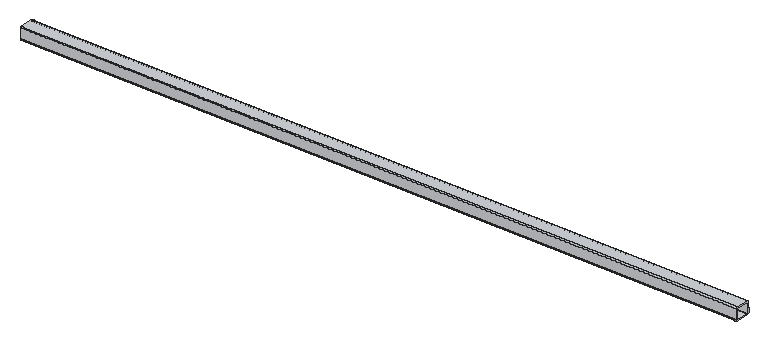
Revit family "CENTUM Profil XL 120s 6m vertikal L2D", category HLS-Bauteile, Revit 2023
Family settings
  Bemaßung runder Anschluss = Durchmesser verwenden
  Teiletyp = Normal
  Arbeitsebenenbasiert = Ja
  Immer vertikal = Nein
  Beim Laden mit Abzugskörper schneiden = Nein
  Beschriftungsausrichtung beibehalten = Nein
  Gemeinsam genutzt = Ja
  Raumberechnungspunkt = Nein
Parameters (values of type "Centum Profil XL120s L=6000 L2D")
  vpe = "6"
  Widerstandsmoment Wz = "56.88 cm³"
  Widerstandsmoment Wy = "62.12 cm³"
  Default Elevation = 1219.2 mm
  Trägheitsradius iz = "4.03 cm"
  Trägheitsradius iy = "4.61 cm"
  Torsionswiderstandsmoment Wt = "109.25 cm³"
  Stärke = 5 mm
  Streckgrenze = "235 N/mm²"
  Schwerpunktabstand ez = " cm"
  Schwerpunktabstand eu = " cm"
  Schwerpunktabstand eo = " cm"
  Schlitzbreite = " mm"
  Regelhalter [instance] = ""
  Profiltyp = "XL 120s"
  Profil = "CENTUM"
  Oberflaeche = "feuerstückverzinkt"
  Montagelänge [instance] = 6000 mm
  Mengeneinheit = "m"
  Materialname = "S275"
  Material = "Stahl"
  Länge = 6000 mm
  Lochdurchmesser = " mm"
  Langloch = "14.0 x 65.0 mm"
  Kurztext2 = "100 / 120 / 5 mm L= 6 m fsv"
  Kurztext1 = "Montageprofil CENTUM XL 120s"
  Höhe = "120 mm"
  Gewicht pro Stück [instance] = (Gewicht * Montagelänge / (1000 mm * 1000 mm)) * 1000 mm  # 88.98 kg
  Gewicht pro Bauteil [instance] = Gewicht pro Stück  # 88.98 kg
  Gewicht = 14.83 kg
  Gesamtlänge [instance] = Montagelänge  # 6000 mm
  Gesamtgewicht [instance] = Gewicht pro Bauteil  # 88.98 kg
  Fläche (schwächster Profilquerschnitt) = 0.001755 m²
  Firma = "MEFA Befestigungs- und Montagesysteme GmbH"
  Fabrikat = "MEFA"
  Erweiterung Langloch = " mm"
  EAN = "4250928449382"
  Bund = "72 m"
  Breite = 100 mm
  Artikelnummer = "16012061"
  Anzahl Langloch [instance] = Montagelänge / 80 mm  # 75
  Abmessung = "100/120/5.0 mm"
Reference planes
  plane 1 "Mitte (Vorne/hinten)": y = 0
  plane 2: z = 0
  plane 3 "Mitte (Links/rechts)": x = 0
  plane 4: x = 6000
Forms (mm)
  Extrusion 1, solid, detail levels fine
    sketch origin (0, -60, 50) x (0, 0, -1) y (0, 1, 0)
      loop
        arc (44, 0) -> (48.243, 1.757) -> (50, 6) r 6
        line (50, 6) -> (50, 114)
        arc (50, 114) -> (48.243, 118.243) -> (44, 120) r 6
        line (44, 120) -> (-44, 120)
        arc (-44, 120) -> (-48.243, 118.243) -> (-50, 114) r 6
        line (-50, 114) -> (-50, 6)
        arc (-50, 6) -> (-48.243, 1.757) -> (-44, 0) r 6
        line (-44, 0) -> (44, 0)
      loop
        arc (46, 114) -> (45.414, 115.414) -> (44, 116) r 2
        line (44, 116) -> (-44, 116)
        arc (-44, 116) -> (-45.414, 115.414) -> (-46, 114) r 2
        line (-46, 114) -> (-46, 6)
        arc (-46, 6) -> (-45.414, 4.586) -> (-44, 4) r 2
        line (-44, 4) -> (44, 4)
        arc (44, 4) -> (45.414, 4.586) -> (46, 6) r 2
        line (46, 6) -> (46, 114)
    from 0 to 6000
  Extrusion 2, solid, detail levels medium
    sketch origin (0, -60, 50) x (0, 0, -1) y (0, 1, 0)
      loop
        line (50, 0) -> (50, 120) -> (-50, 120) -> (-50, 0) -> (50, 0)
      loop
        line (46, 116) -> (-46, 116) -> (-46, 4) -> (46, 4) -> (46, 116)
    from 0 to 6000
  Extrusion 3, solid, detail levels coarse
    sketch origin (0, -60, 50) x (0, 0, -1) y (0, 1, 0)
      loop
        line (50, 0) -> (50, 120) -> (-50, 120) -> (-50, 0) -> (50, 0)
    from 0 to 6000
Lines and regions (mm)
  model lines
    curve 1: line (0, 70, 50) -> (0, -70, 50)
    curve 2: line (0, 0, 130) -> (0, 0, -10)
Dimensions and locks
  "Montagelänge": plane 4 to plane 3 "Mitte (Links/rechts)"
  Extrusion 1 sketch curve to Extrusion 1 sketch curve = 120 mm
  Extrusion 2 sketch curve to Extrusion 2 sketch curve = 120 mm
  Extrusion 3 sketch curve to Extrusion 3 sketch curve = 120 mm
  equal spacing: group 1, group 2, group 3, group 4, group 5, group 6, group 7, group 8, group 9, group 10, group 11, group 12, group 13, group 14, group 15, group 16, group 17, group 18, group 19, group 20, group 21, group 22, group 23, group 24, group 25, group 26, group 27, group 28, group 29, group 30, group 31, group 32, group 33, group 34, group 35, group 36, group 37, group 38, group 39, group 40, group 41, group 42, group 43, group 44, group 45, group 46, group 47, group 48, group 49, group 50, group 51, group 52, group 53, group 54, group 55, group 56, group 57, group 58, group 59, group 60, group 61, group 62, group 63, group 64, group 65, group 66, group 67, group 68, group 69, group 70, group 71, group 72, group 73, group 74, group 75  (x3)
  aligned and locked: level to plane 2
  aligned and locked: plane 4 to Extrusion 1
  aligned and locked: Extrusion 3 to Extrusion 1
  aligned and locked: Extrusion 2 to Extrusion 1
  aligned and locked: nested 1 to nested 2
  aligned and locked: nested 2 to nested 3
  aligned and locked: nested 1 to nested 4
  aligned and locked: nested 5 to nested 6
  aligned and locked: nested 6 to nested 7
  aligned and locked: nested 5 to nested 8
  aligned and locked: nested 9 to nested 10
  aligned and locked: nested 10 to nested 11
  aligned and locked: nested 9 to nested 12
  aligned and locked: nested 13 to nested 14
  aligned and locked: nested 14 to nested 15
  aligned and locked: nested 13 to nested 16
  aligned and locked: nested 17 to nested 18
  aligned and locked: nested 18 to nested 19
  aligned and locked: nested 17 to nested 20
  aligned and locked: nested 21 to nested 22
  aligned and locked: nested 22 to nested 23
  aligned and locked: nested 21 to nested 24
  aligned and locked: nested 25 to nested 26
  aligned and locked: nested 26 to nested 27
  aligned and locked: nested 25 to nested 28
  aligned and locked: nested 29 to nested 30
  aligned and locked: nested 30 to nested 31
  aligned and locked: nested 29 to nested 32
  aligned and locked: nested 33 to nested 34
  aligned and locked: nested 34 to nested 35
  aligned and locked: nested 33 to nested 36
  aligned and locked: nested 37 to nested 38
  aligned and locked: nested 38 to nested 39
  aligned and locked: nested 37 to nested 40
  aligned and locked: nested 41 to nested 42
  aligned and locked: nested 42 to nested 43
  aligned and locked: nested 41 to nested 44
  aligned and locked: nested 45 to nested 46
  aligned and locked: nested 46 to nested 47
  aligned and locked: nested 45 to nested 48
  aligned and locked: nested 49 to nested 50
  aligned and locked: nested 50 to nested 51
  aligned and locked: nested 49 to nested 52
  aligned and locked: nested 53 to nested 54
  aligned and locked: nested 54 to nested 55
  aligned and locked: nested 53 to nested 56
  aligned and locked: nested 57 to nested 58
  aligned and locked: nested 58 to nested 59
  aligned and locked: nested 57 to nested 60
  aligned and locked: nested 61 to nested 62
  aligned and locked: nested 62 to nested 63
  aligned and locked: nested 61 to nested 64
  aligned and locked: nested 65 to nested 66
  aligned and locked: nested 66 to nested 67
  aligned and locked: nested 65 to nested 68
  aligned and locked: nested 69 to nested 70
  aligned and locked: nested 70 to nested 71
  aligned and locked: nested 69 to nested 72
  aligned and locked: nested 73 to nested 74
  aligned and locked: nested 74 to nested 75
  aligned and locked: nested 73 to nested 76
  aligned and locked: nested 77 to nested 78
  aligned and locked: nested 78 to nested 79
  aligned and locked: nested 77 to nested 80
  aligned and locked: nested 81 to nested 82
  aligned and locked: nested 82 to nested 83
  aligned and locked: nested 81 to nested 84
  aligned and locked: nested 85 to nested 86
  aligned and locked: nested 86 to nested 87
  aligned and locked: nested 85 to nested 88
  aligned and locked: nested 89 to nested 90
  aligned and locked: nested 90 to nested 91
  aligned and locked: nested 89 to nested 92
  aligned and locked: nested 93 to nested 94
  aligned and locked: nested 94 to nested 95
  aligned and locked: nested 93 to nested 96
  aligned and locked: nested 97 to nested 98
  aligned and locked: nested 98 to nested 99
  aligned and locked: nested 97 to nested 100
  aligned and locked: nested 101 to nested 102
  aligned and locked: nested 102 to nested 103
  aligned and locked: nested 101 to nested 104
  aligned and locked: nested 105 to nested 106
  aligned and locked: nested 106 to nested 107
  aligned and locked: nested 105 to nested 108
  aligned and locked: nested 109 to nested 110
  aligned and locked: nested 110 to nested 111
  aligned and locked: nested 109 to nested 112
  aligned and locked: nested 113 to nested 114
  aligned and locked: nested 114 to nested 115
  aligned and locked: nested 113 to nested 116
  aligned and locked: nested 117 to nested 118
  aligned and locked: nested 118 to nested 119
  aligned and locked: nested 117 to nested 120
  aligned and locked: nested 121 to nested 122
  aligned and locked: nested 122 to nested 123
  aligned and locked: nested 121 to nested 124
  aligned and locked: nested 125 to nested 126
  aligned and locked: nested 126 to nested 127
  aligned and locked: nested 125 to nested 128
  aligned and locked: nested 129 to nested 130
  aligned and locked: nested 130 to nested 131
  aligned and locked: nested 129 to nested 132
  aligned and locked: nested 133 to nested 134
  aligned and locked: nested 134 to nested 135
  aligned and locked: nested 133 to nested 136
  aligned and locked: nested 137 to nested 138
  aligned and locked: nested 138 to nested 139
  aligned and locked: nested 137 to nested 140
  aligned and locked: nested 141 to nested 142
  aligned and locked: nested 142 to nested 143
  aligned and locked: nested 141 to nested 144
  aligned and locked: nested 145 to nested 146
  aligned and locked: nested 146 to nested 147
  aligned and locked: nested 145 to nested 148
  aligned and locked: nested 149 to nested 150
  aligned and locked: nested 150 to nested 151
  aligned and locked: nested 149 to nested 152
  aligned and locked: nested 153 to nested 154
  aligned and locked: nested 154 to nested 155
  aligned and locked: nested 153 to nested 156
  aligned and locked: nested 157 to nested 158
  aligned and locked: nested 158 to nested 159
  aligned and locked: nested 157 to nested 160
  aligned and locked: nested 161 to nested 162
  aligned and locked: nested 162 to nested 163
  aligned and locked: nested 161 to nested 164
  aligned and locked: nested 165 to nested 166
  aligned and locked: nested 166 to nested 167
  aligned and locked: nested 165 to nested 168
  aligned and locked: nested 169 to nested 170
  aligned and locked: nested 170 to nested 171
  aligned and locked: nested 169 to nested 172
  aligned and locked: nested 173 to nested 174
  aligned and locked: nested 174 to nested 175
  aligned and locked: nested 173 to nested 176
  aligned and locked: nested 177 to nested 178
  aligned and locked: nested 178 to nested 179
  aligned and locked: nested 177 to nested 180
  aligned and locked: nested 181 to nested 182
  aligned and locked: nested 182 to nested 183
  aligned and locked: nested 181 to nested 184
  aligned and locked: nested 185 to nested 186
  aligned and locked: nested 186 to nested 187
  aligned and locked: nested 185 to nested 188
  aligned and locked: nested 189 to nested 190
  aligned and locked: nested 190 to nested 191
  aligned and locked: nested 189 to nested 192
  aligned and locked: nested 193 to nested 194
  aligned and locked: nested 194 to nested 195
  aligned and locked: nested 193 to nested 196
  aligned and locked: nested 197 to nested 198
  aligned and locked: nested 198 to nested 199
  aligned and locked: nested 197 to nested 200
  aligned and locked: nested 201 to nested 202
  aligned and locked: nested 202 to nested 203
  aligned and locked: nested 201 to nested 204
  aligned and locked: nested 205 to nested 206
  aligned and locked: nested 206 to nested 207
  aligned and locked: nested 205 to nested 208
  aligned and locked: nested 209 to nested 210
  aligned and locked: nested 210 to nested 211
  aligned and locked: nested 209 to nested 212
  aligned and locked: nested 213 to nested 214
  aligned and locked: nested 214 to nested 215
  aligned and locked: nested 213 to nested 216
  aligned and locked: nested 217 to nested 218
  aligned and locked: nested 218 to nested 219
  aligned and locked: nested 217 to nested 220
  aligned and locked: nested 221 to nested 222
  aligned and locked: nested 222 to nested 223
  aligned and locked: nested 221 to nested 224
  aligned and locked: nested 225 to nested 226
  aligned and locked: nested 226 to nested 227
  aligned and locked: nested 225 to nested 228
  aligned and locked: nested 229 to nested 230
  aligned and locked: nested 230 to nested 231
  aligned and locked: nested 229 to nested 232
  aligned and locked: nested 233 to nested 234
  aligned and locked: nested 234 to nested 235
  aligned and locked: nested 233 to nested 236
  aligned and locked: nested 237 to nested 238
  aligned and locked: nested 238 to nested 239
  aligned and locked: nested 237 to nested 240
  aligned and locked: nested 241 to nested 242
  aligned and locked: nested 242 to nested 243
  aligned and locked: nested 241 to nested 244
  aligned and locked: nested 245 to nested 246
  aligned and locked: nested 246 to nested 247
  aligned and locked: nested 245 to nested 248
  aligned and locked: nested 249 to nested 250
  aligned and locked: nested 250 to nested 251
  aligned and locked: nested 249 to nested 252
  aligned and locked: nested 253 to nested 254
  aligned and locked: nested 254 to nested 255
  aligned and locked: nested 253 to nested 256
  aligned and locked: nested 257 to nested 258
  aligned and locked: nested 258 to nested 259
  aligned and locked: nested 257 to nested 260
  aligned and locked: nested 261 to nested 262
  aligned and locked: nested 262 to nested 263
  aligned and locked: nested 261 to nested 264
  aligned and locked: nested 265 to nested 266
  aligned and locked: nested 266 to nested 267
  aligned and locked: nested 265 to nested 268
  aligned and locked: nested 269 to nested 270
  aligned and locked: nested 270 to nested 271
  aligned and locked: nested 269 to nested 272
  aligned and locked: nested 273 to nested 274
  aligned and locked: nested 274 to nested 275
  aligned and locked: nested 273 to nested 276
  aligned and locked: nested 277 to nested 278
  aligned and locked: nested 278 to nested 279
  aligned and locked: nested 277 to nested 280
  aligned and locked: nested 281 to nested 282
  aligned and locked: nested 282 to nested 283
  aligned and locked: nested 281 to nested 284
  aligned and locked: nested 285 to nested 286
  aligned and locked: nested 286 to nested 287
  aligned and locked: nested 285 to nested 288
  aligned and locked: nested 289 to nested 290
  aligned and locked: nested 290 to nested 291
  aligned and locked: nested 289 to nested 292
  aligned and locked: nested 293 to nested 294
  aligned and locked: nested 294 to nested 295
  aligned and locked: nested 293 to nested 296
  aligned and locked: nested 297 to nested 298
  aligned and locked: nested 298 to nested 299
  aligned and locked: nested 297 to nested 300
Automatic sketch dimensions
  curve 2 to plane 1 "Mitte (Vorne/hinten)" = 0 mm
  curve 2 to level = 10 mm
  plane 1 "Mitte (Vorne/hinten)" to curve 1 = 70 mm
  curve 1 to plane 1 "Mitte (Vorne/hinten)" = 70 mm
  level to curve 1 = 50 mm
  curve 1 to curve 2 = 80 mm
  Extrusion 1 sketch curve to Extrusion 1 sketch curve = 0 mm  (x8)
  plane 1 "Mitte (Vorne/hinten)" to Extrusion 1 sketch curve = 54 mm
  level to Extrusion 1 sketch curve = 100 mm
  Extrusion 1 sketch curve to Extrusion 1 sketch curve = 4 mm
  Extrusion 1 sketch curve to Extrusion 1 sketch curve = 2 mm  (x3)
  level to Extrusion 1 sketch curve = 6 mm  (x2)
  level to Extrusion 2 sketch curve = 100 mm
  Extrusion 2 sketch curve to Extrusion 2 sketch curve = 4 mm  (x4)
  level to Extrusion 2 sketch curve = 4 mm
  plane 1 "Mitte (Vorne/hinten)" to Extrusion 2 sketch curve = 60 mm
  level to Extrusion 3 sketch curve = 100 mm
  level to Extrusion 3 sketch curve = 0 mm
  plane 1 "Mitte (Vorne/hinten)" to Extrusion 3 sketch curve = 60 mm
Nested families
  nested 1: "Langloch 14 x 65 2D" at (40, 60, 50) x (-1, 0, 0) z (0, 1, 0), type "Langloch 14 x 65 2D", detail levels fine
  nested 2: "Langloch 14 x 65 2D" at (40, 0, 100) x (-1, 0, 0) z (0, 0, 1), type "Langloch 14 x 65 2D", detail levels fine
  nested 3: "Langloch 14 x 65 2D" at (40, -60, 50) x (-1, 0, 0) z (0, -1, 0), type "Langloch 14 x 65 2D", detail levels fine
  nested 4: "Langloch 14 x 65 2D" at (40, 0, 0) x (-1, 0, 0) z (0, 0, -1), type "Langloch 14 x 65 2D", detail levels fine
  nested 5: "Langloch 14 x 65 2D" at (120, 60, 50) x (-1, 0, 0) z (0, 1, 0), type "Langloch 14 x 65 2D", detail levels fine
  nested 6: "Langloch 14 x 65 2D" at (120, 0, 100) x (-1, 0, 0) z (0, 0, 1), type "Langloch 14 x 65 2D", detail levels fine
  nested 7: "Langloch 14 x 65 2D" at (120, -60, 50) x (-1, 0, 0) z (0, -1, 0), type "Langloch 14 x 65 2D", detail levels fine
  nested 8: "Langloch 14 x 65 2D" at (120, 0, 0) x (-1, 0, 0) z (0, 0, -1), type "Langloch 14 x 65 2D", detail levels fine
  nested 9: "Langloch 14 x 65 2D" at (200, 60, 50) x (-1, 0, 0) z (0, 1, 0), type "Langloch 14 x 65 2D", detail levels fine
  nested 10: "Langloch 14 x 65 2D" at (200, 0, 100) x (-1, 0, 0) z (0, 0, 1), type "Langloch 14 x 65 2D", detail levels fine
  nested 11: "Langloch 14 x 65 2D" at (200, -60, 50) x (-1, 0, 0) z (0, -1, 0), type "Langloch 14 x 65 2D", detail levels fine
  nested 12: "Langloch 14 x 65 2D" at (200, 0, 0) x (-1, 0, 0) z (0, 0, -1), type "Langloch 14 x 65 2D", detail levels fine
  nested 13: "Langloch 14 x 65 2D" at (280, 60, 50) x (-1, 0, 0) z (0, 1, 0), type "Langloch 14 x 65 2D", detail levels fine
  nested 14: "Langloch 14 x 65 2D" at (280, 0, 100) x (-1, 0, 0) z (0, 0, 1), type "Langloch 14 x 65 2D", detail levels fine
  nested 15: "Langloch 14 x 65 2D" at (280, -60, 50) x (-1, 0, 0) z (0, -1, 0), type "Langloch 14 x 65 2D", detail levels fine
  nested 16: "Langloch 14 x 65 2D" at (280, 0, 0) x (-1, 0, 0) z (0, 0, -1), type "Langloch 14 x 65 2D", detail levels fine
  nested 17: "Langloch 14 x 65 2D" at (360, 60, 50) x (-1, 0, 0) z (0, 1, 0), type "Langloch 14 x 65 2D", detail levels fine
  nested 18: "Langloch 14 x 65 2D" at (360, 0, 100) x (-1, 0, 0) z (0, 0, 1), type "Langloch 14 x 65 2D", detail levels fine
  nested 19: "Langloch 14 x 65 2D" at (360, -60, 50) x (-1, 0, 0) z (0, -1, 0), type "Langloch 14 x 65 2D", detail levels fine
  nested 20: "Langloch 14 x 65 2D" at (360, 0, 0) x (-1, 0, 0) z (0, 0, -1), type "Langloch 14 x 65 2D", detail levels fine
  nested 21: "Langloch 14 x 65 2D" at (440, 60, 50) x (-1, 0, 0) z (0, 1, 0), type "Langloch 14 x 65 2D", detail levels fine
  nested 22: "Langloch 14 x 65 2D" at (440, 0, 100) x (-1, 0, 0) z (0, 0, 1), type "Langloch 14 x 65 2D", detail levels fine
  nested 23: "Langloch 14 x 65 2D" at (440, -60, 50) x (-1, 0, 0) z (0, -1, 0), type "Langloch 14 x 65 2D", detail levels fine
  nested 24: "Langloch 14 x 65 2D" at (440, 0, 0) x (-1, 0, 0) z (0, 0, -1), type "Langloch 14 x 65 2D", detail levels fine
  nested 25: "Langloch 14 x 65 2D" at (520, 60, 50) x (-1, 0, 0) z (0, 1, 0), type "Langloch 14 x 65 2D", detail levels fine
  nested 26: "Langloch 14 x 65 2D" at (520, 0, 100) x (-1, 0, 0) z (0, 0, 1), type "Langloch 14 x 65 2D", detail levels fine
  nested 27: "Langloch 14 x 65 2D" at (520, -60, 50) x (-1, 0, 0) z (0, -1, 0), type "Langloch 14 x 65 2D", detail levels fine
  nested 28: "Langloch 14 x 65 2D" at (520, 0, 0) x (-1, 0, 0) z (0, 0, -1), type "Langloch 14 x 65 2D", detail levels fine
  nested 29: "Langloch 14 x 65 2D" at (600, 60, 50) x (-1, 0, 0) z (0, 1, 0), type "Langloch 14 x 65 2D", detail levels fine
  nested 30: "Langloch 14 x 65 2D" at (600, 0, 100) x (-1, 0, 0) z (0, 0, 1), type "Langloch 14 x 65 2D", detail levels fine
  nested 31: "Langloch 14 x 65 2D" at (600, -60, 50) x (-1, 0, 0) z (0, -1, 0), type "Langloch 14 x 65 2D", detail levels fine
  nested 32: "Langloch 14 x 65 2D" at (600, 0, 0) x (-1, 0, 0) z (0, 0, -1), type "Langloch 14 x 65 2D", detail levels fine
  nested 33: "Langloch 14 x 65 2D" at (680, 60, 50) x (-1, 0, 0) z (0, 1, 0), type "Langloch 14 x 65 2D", detail levels fine
  nested 34: "Langloch 14 x 65 2D" at (680, 0, 100) x (-1, 0, 0) z (0, 0, 1), type "Langloch 14 x 65 2D", detail levels fine
  nested 35: "Langloch 14 x 65 2D" at (680, -60, 50) x (-1, 0, 0) z (0, -1, 0), type "Langloch 14 x 65 2D", detail levels fine
  nested 36: "Langloch 14 x 65 2D" at (680, 0, 0) x (-1, 0, 0) z (0, 0, -1), type "Langloch 14 x 65 2D", detail levels fine
  nested 37: "Langloch 14 x 65 2D" at (760, 60, 50) x (-1, 0, 0) z (0, 1, 0), type "Langloch 14 x 65 2D", detail levels fine
  nested 38: "Langloch 14 x 65 2D" at (760, 0, 100) x (-1, 0, 0) z (0, 0, 1), type "Langloch 14 x 65 2D", detail levels fine
  nested 39: "Langloch 14 x 65 2D" at (760, -60, 50) x (-1, 0, 0) z (0, -1, 0), type "Langloch 14 x 65 2D", detail levels fine
  nested 40: "Langloch 14 x 65 2D" at (760, 0, 0) x (-1, 0, 0) z (0, 0, -1), type "Langloch 14 x 65 2D", detail levels fine
  nested 41: "Langloch 14 x 65 2D" at (840, 60, 50) x (-1, 0, 0) z (0, 1, 0), type "Langloch 14 x 65 2D", detail levels fine
  nested 42: "Langloch 14 x 65 2D" at (840, 0, 100) x (-1, 0, 0) z (0, 0, 1), type "Langloch 14 x 65 2D", detail levels fine
  nested 43: "Langloch 14 x 65 2D" at (840, -60, 50) x (-1, 0, 0) z (0, -1, 0), type "Langloch 14 x 65 2D", detail levels fine
  nested 44: "Langloch 14 x 65 2D" at (840, 0, 0) x (-1, 0, 0) z (0, 0, -1), type "Langloch 14 x 65 2D", detail levels fine
  nested 45: "Langloch 14 x 65 2D" at (920, 60, 50) x (-1, 0, 0) z (0, 1, 0), type "Langloch 14 x 65 2D", detail levels fine
  nested 46: "Langloch 14 x 65 2D" at (920, 0, 100) x (-1, 0, 0) z (0, 0, 1), type "Langloch 14 x 65 2D", detail levels fine
  nested 47: "Langloch 14 x 65 2D" at (920, -60, 50) x (-1, 0, 0) z (0, -1, 0), type "Langloch 14 x 65 2D", detail levels fine
  nested 48: "Langloch 14 x 65 2D" at (920, 0, 0) x (-1, 0, 0) z (0, 0, -1), type "Langloch 14 x 65 2D", detail levels fine
  nested 49: "Langloch 14 x 65 2D" at (1000, 60, 50) x (-1, 0, 0) z (0, 1, 0), type "Langloch 14 x 65 2D", detail levels fine
  nested 50: "Langloch 14 x 65 2D" at (1000, 0, 100) x (-1, 0, 0) z (0, 0, 1), type "Langloch 14 x 65 2D", detail levels fine
  nested 51: "Langloch 14 x 65 2D" at (1000, -60, 50) x (-1, 0, 0) z (0, -1, 0), type "Langloch 14 x 65 2D", detail levels fine
  nested 52: "Langloch 14 x 65 2D" at (1000, 0, 0) x (-1, 0, 0) z (0, 0, -1), type "Langloch 14 x 65 2D", detail levels fine
  nested 53: "Langloch 14 x 65 2D" at (1080, 60, 50) x (-1, 0, 0) z (0, 1, 0), type "Langloch 14 x 65 2D", detail levels fine
  nested 54: "Langloch 14 x 65 2D" at (1080, 0, 100) x (-1, 0, 0) z (0, 0, 1), type "Langloch 14 x 65 2D", detail levels fine
  nested 55: "Langloch 14 x 65 2D" at (1080, -60, 50) x (-1, 0, 0) z (0, -1, 0), type "Langloch 14 x 65 2D", detail levels fine
  nested 56: "Langloch 14 x 65 2D" at (1080, 0, 0) x (-1, 0, 0) z (0, 0, -1), type "Langloch 14 x 65 2D", detail levels fine
  nested 57: "Langloch 14 x 65 2D" at (1160, 60, 50) x (-1, 0, 0) z (0, 1, 0), type "Langloch 14 x 65 2D", detail levels fine
  nested 58: "Langloch 14 x 65 2D" at (1160, 0, 100) x (-1, 0, 0) z (0, 0, 1), type "Langloch 14 x 65 2D", detail levels fine
  nested 59: "Langloch 14 x 65 2D" at (1160, -60, 50) x (-1, 0, 0) z (0, -1, 0), type "Langloch 14 x 65 2D", detail levels fine
  nested 60: "Langloch 14 x 65 2D" at (1160, 0, 0) x (-1, 0, 0) z (0, 0, -1), type "Langloch 14 x 65 2D", detail levels fine
  nested 61: "Langloch 14 x 65 2D" at (1240, 60, 50) x (-1, 0, 0) z (0, 1, 0), type "Langloch 14 x 65 2D", detail levels fine
  nested 62: "Langloch 14 x 65 2D" at (1240, 0, 100) x (-1, 0, 0) z (0, 0, 1), type "Langloch 14 x 65 2D", detail levels fine
  nested 63: "Langloch 14 x 65 2D" at (1240, -60, 50) x (-1, 0, 0) z (0, -1, 0), type "Langloch 14 x 65 2D", detail levels fine
  nested 64: "Langloch 14 x 65 2D" at (1240, 0, 0) x (-1, 0, 0) z (0, 0, -1), type "Langloch 14 x 65 2D", detail levels fine
  nested 65: "Langloch 14 x 65 2D" at (1320, 60, 50) x (-1, 0, 0) z (0, 1, 0), type "Langloch 14 x 65 2D", detail levels fine
  nested 66: "Langloch 14 x 65 2D" at (1320, 0, 100) x (-1, 0, 0) z (0, 0, 1), type "Langloch 14 x 65 2D", detail levels fine
  nested 67: "Langloch 14 x 65 2D" at (1320, -60, 50) x (-1, 0, 0) z (0, -1, 0), type "Langloch 14 x 65 2D", detail levels fine
  nested 68: "Langloch 14 x 65 2D" at (1320, 0, 0) x (-1, 0, 0) z (0, 0, -1), type "Langloch 14 x 65 2D", detail levels fine
  nested 69: "Langloch 14 x 65 2D" at (1400, 60, 50) x (-1, 0, 0) z (0, 1, 0), type "Langloch 14 x 65 2D", detail levels fine
  nested 70: "Langloch 14 x 65 2D" at (1400, 0, 100) x (-1, 0, 0) z (0, 0, 1), type "Langloch 14 x 65 2D", detail levels fine
  nested 71: "Langloch 14 x 65 2D" at (1400, -60, 50) x (-1, 0, 0) z (0, -1, 0), type "Langloch 14 x 65 2D", detail levels fine
  nested 72: "Langloch 14 x 65 2D" at (1400, 0, 0) x (-1, 0, 0) z (0, 0, -1), type "Langloch 14 x 65 2D", detail levels fine
  nested 73: "Langloch 14 x 65 2D" at (1480, 60, 50) x (-1, 0, 0) z (0, 1, 0), type "Langloch 14 x 65 2D", detail levels fine
  nested 74: "Langloch 14 x 65 2D" at (1480, 0, 100) x (-1, 0, 0) z (0, 0, 1), type "Langloch 14 x 65 2D", detail levels fine
  nested 75: "Langloch 14 x 65 2D" at (1480, -60, 50) x (-1, 0, 0) z (0, -1, 0), type "Langloch 14 x 65 2D", detail levels fine
  nested 76: "Langloch 14 x 65 2D" at (1480, 0, 0) x (-1, 0, 0) z (0, 0, -1), type "Langloch 14 x 65 2D", detail levels fine
  nested 77: "Langloch 14 x 65 2D" at (1560, 60, 50) x (-1, 0, 0) z (0, 1, 0), type "Langloch 14 x 65 2D", detail levels fine
  nested 78: "Langloch 14 x 65 2D" at (1560, 0, 100) x (-1, 0, 0) z (0, 0, 1), type "Langloch 14 x 65 2D", detail levels fine
  nested 79: "Langloch 14 x 65 2D" at (1560, -60, 50) x (-1, 0, 0) z (0, -1, 0), type "Langloch 14 x 65 2D", detail levels fine
  nested 80: "Langloch 14 x 65 2D" at (1560, 0, 0) x (-1, 0, 0) z (0, 0, -1), type "Langloch 14 x 65 2D", detail levels fine
  nested 81: "Langloch 14 x 65 2D" at (1640, 60, 50) x (-1, 0, 0) z (0, 1, 0), type "Langloch 14 x 65 2D", detail levels fine
  nested 82: "Langloch 14 x 65 2D" at (1640, 0, 100) x (-1, 0, 0) z (0, 0, 1), type "Langloch 14 x 65 2D", detail levels fine
  nested 83: "Langloch 14 x 65 2D" at (1640, -60, 50) x (-1, 0, 0) z (0, -1, 0), type "Langloch 14 x 65 2D", detail levels fine
  nested 84: "Langloch 14 x 65 2D" at (1640, 0, 0) x (-1, 0, 0) z (0, 0, -1), type "Langloch 14 x 65 2D", detail levels fine
  nested 85: "Langloch 14 x 65 2D" at (1720, 60, 50) x (-1, 0, 0) z (0, 1, 0), type "Langloch 14 x 65 2D", detail levels fine
  nested 86: "Langloch 14 x 65 2D" at (1720, 0, 100) x (-1, 0, 0) z (0, 0, 1), type "Langloch 14 x 65 2D", detail levels fine
  nested 87: "Langloch 14 x 65 2D" at (1720, -60, 50) x (-1, 0, 0) z (0, -1, 0), type "Langloch 14 x 65 2D", detail levels fine
  nested 88: "Langloch 14 x 65 2D" at (1720, 0, 0) x (-1, 0, 0) z (0, 0, -1), type "Langloch 14 x 65 2D", detail levels fine
  nested 89: "Langloch 14 x 65 2D" at (1800, 60, 50) x (-1, 0, 0) z (0, 1, 0), type "Langloch 14 x 65 2D", detail levels fine
  nested 90: "Langloch 14 x 65 2D" at (1800, 0, 100) x (-1, 0, 0) z (0, 0, 1), type "Langloch 14 x 65 2D", detail levels fine
  nested 91: "Langloch 14 x 65 2D" at (1800, -60, 50) x (-1, 0, 0) z (0, -1, 0), type "Langloch 14 x 65 2D", detail levels fine
  nested 92: "Langloch 14 x 65 2D" at (1800, 0, 0) x (-1, 0, 0) z (0, 0, -1), type "Langloch 14 x 65 2D", detail levels fine
  nested 93: "Langloch 14 x 65 2D" at (1880, 60, 50) x (-1, 0, 0) z (0, 1, 0), type "Langloch 14 x 65 2D", detail levels fine
  nested 94: "Langloch 14 x 65 2D" at (1880, 0, 100) x (-1, 0, 0) z (0, 0, 1), type "Langloch 14 x 65 2D", detail levels fine
  nested 95: "Langloch 14 x 65 2D" at (1880, -60, 50) x (-1, 0, 0) z (0, -1, 0), type "Langloch 14 x 65 2D", detail levels fine
  nested 96: "Langloch 14 x 65 2D" at (1880, 0, 0) x (-1, 0, 0) z (0, 0, -1), type "Langloch 14 x 65 2D", detail levels fine
  nested 97: "Langloch 14 x 65 2D" at (1960, 60, 50) x (-1, 0, 0) z (0, 1, 0), type "Langloch 14 x 65 2D", detail levels fine
  nested 98: "Langloch 14 x 65 2D" at (1960, 0, 100) x (-1, 0, 0) z (0, 0, 1), type "Langloch 14 x 65 2D", detail levels fine
  nested 99: "Langloch 14 x 65 2D" at (1960, -60, 50) x (-1, 0, 0) z (0, -1, 0), type "Langloch 14 x 65 2D", detail levels fine
  nested 100: "Langloch 14 x 65 2D" at (1960, 0, 0) x (-1, 0, 0) z (0, 0, -1), type "Langloch 14 x 65 2D", detail levels fine
  nested 101: "Langloch 14 x 65 2D" at (2040, 60, 50) x (-1, 0, 0) z (0, 1, 0), type "Langloch 14 x 65 2D", detail levels fine
  nested 102: "Langloch 14 x 65 2D" at (2040, 0, 100) x (-1, 0, 0) z (0, 0, 1), type "Langloch 14 x 65 2D", detail levels fine
  nested 103: "Langloch 14 x 65 2D" at (2040, -60, 50) x (-1, 0, 0) z (0, -1, 0), type "Langloch 14 x 65 2D", detail levels fine
  nested 104: "Langloch 14 x 65 2D" at (2040, 0, 0) x (-1, 0, 0) z (0, 0, -1), type "Langloch 14 x 65 2D", detail levels fine
  nested 105: "Langloch 14 x 65 2D" at (2120, 60, 50) x (-1, 0, 0) z (0, 1, 0), type "Langloch 14 x 65 2D", detail levels fine
  nested 106: "Langloch 14 x 65 2D" at (2120, 0, 100) x (-1, 0, 0) z (0, 0, 1), type "Langloch 14 x 65 2D", detail levels fine
  nested 107: "Langloch 14 x 65 2D" at (2120, -60, 50) x (-1, 0, 0) z (0, -1, 0), type "Langloch 14 x 65 2D", detail levels fine
  nested 108: "Langloch 14 x 65 2D" at (2120, 0, 0) x (-1, 0, 0) z (0, 0, -1), type "Langloch 14 x 65 2D", detail levels fine
  nested 109: "Langloch 14 x 65 2D" at (2200, 60, 50) x (-1, 0, 0) z (0, 1, 0), type "Langloch 14 x 65 2D", detail levels fine
  nested 110: "Langloch 14 x 65 2D" at (2200, 0, 100) x (-1, 0, 0) z (0, 0, 1), type "Langloch 14 x 65 2D", detail levels fine
  nested 111: "Langloch 14 x 65 2D" at (2200, -60, 50) x (-1, 0, 0) z (0, -1, 0), type "Langloch 14 x 65 2D", detail levels fine
  nested 112: "Langloch 14 x 65 2D" at (2200, 0, 0) x (-1, 0, 0) z (0, 0, -1), type "Langloch 14 x 65 2D", detail levels fine
  nested 113: "Langloch 14 x 65 2D" at (2280, 60, 50) x (-1, 0, 0) z (0, 1, 0), type "Langloch 14 x 65 2D", detail levels fine
  nested 114: "Langloch 14 x 65 2D" at (2280, 0, 100) x (-1, 0, 0) z (0, 0, 1), type "Langloch 14 x 65 2D", detail levels fine
  nested 115: "Langloch 14 x 65 2D" at (2280, -60, 50) x (-1, 0, 0) z (0, -1, 0), type "Langloch 14 x 65 2D", detail levels fine
  nested 116: "Langloch 14 x 65 2D" at (2280, 0, 0) x (-1, 0, 0) z (0, 0, -1), type "Langloch 14 x 65 2D", detail levels fine
  nested 117: "Langloch 14 x 65 2D" at (2360, 60, 50) x (-1, 0, 0) z (0, 1, 0), type "Langloch 14 x 65 2D", detail levels fine
  nested 118: "Langloch 14 x 65 2D" at (2360, 0, 100) x (-1, 0, 0) z (0, 0, 1), type "Langloch 14 x 65 2D", detail levels fine
  nested 119: "Langloch 14 x 65 2D" at (2360, -60, 50) x (-1, 0, 0) z (0, -1, 0), type "Langloch 14 x 65 2D", detail levels fine
  nested 120: "Langloch 14 x 65 2D" at (2360, 0, 0) x (-1, 0, 0) z (0, 0, -1), type "Langloch 14 x 65 2D", detail levels fine
  nested 121: "Langloch 14 x 65 2D" at (2440, 60, 50) x (-1, 0, 0) z (0, 1, 0), type "Langloch 14 x 65 2D", detail levels fine
  nested 122: "Langloch 14 x 65 2D" at (2440, 0, 100) x (-1, 0, 0) z (0, 0, 1), type "Langloch 14 x 65 2D", detail levels fine
  nested 123: "Langloch 14 x 65 2D" at (2440, -60, 50) x (-1, 0, 0) z (0, -1, 0), type "Langloch 14 x 65 2D", detail levels fine
  nested 124: "Langloch 14 x 65 2D" at (2440, 0, 0) x (-1, 0, 0) z (0, 0, -1), type "Langloch 14 x 65 2D", detail levels fine
  nested 125: "Langloch 14 x 65 2D" at (2520, 60, 50) x (-1, 0, 0) z (0, 1, 0), type "Langloch 14 x 65 2D", detail levels fine
  nested 126: "Langloch 14 x 65 2D" at (2520, 0, 100) x (-1, 0, 0) z (0, 0, 1), type "Langloch 14 x 65 2D", detail levels fine
  nested 127: "Langloch 14 x 65 2D" at (2520, -60, 50) x (-1, 0, 0) z (0, -1, 0), type "Langloch 14 x 65 2D", detail levels fine
  nested 128: "Langloch 14 x 65 2D" at (2520, 0, 0) x (-1, 0, 0) z (0, 0, -1), type "Langloch 14 x 65 2D", detail levels fine
  nested 129: "Langloch 14 x 65 2D" at (2600, 60, 50) x (-1, 0, 0) z (0, 1, 0), type "Langloch 14 x 65 2D", detail levels fine
  nested 130: "Langloch 14 x 65 2D" at (2600, 0, 100) x (-1, 0, 0) z (0, 0, 1), type "Langloch 14 x 65 2D", detail levels fine
  nested 131: "Langloch 14 x 65 2D" at (2600, -60, 50) x (-1, 0, 0) z (0, -1, 0), type "Langloch 14 x 65 2D", detail levels fine
  nested 132: "Langloch 14 x 65 2D" at (2600, 0, 0) x (-1, 0, 0) z (0, 0, -1), type "Langloch 14 x 65 2D", detail levels fine
  nested 133: "Langloch 14 x 65 2D" at (2680, 60, 50) x (-1, 0, 0) z (0, 1, 0), type "Langloch 14 x 65 2D", detail levels fine
  nested 134: "Langloch 14 x 65 2D" at (2680, 0, 100) x (-1, 0, 0) z (0, 0, 1), type "Langloch 14 x 65 2D", detail levels fine
  nested 135: "Langloch 14 x 65 2D" at (2680, -60, 50) x (-1, 0, 0) z (0, -1, 0), type "Langloch 14 x 65 2D", detail levels fine
  nested 136: "Langloch 14 x 65 2D" at (2680, 0, 0) x (-1, 0, 0) z (0, 0, -1), type "Langloch 14 x 65 2D", detail levels fine
  nested 137: "Langloch 14 x 65 2D" at (2760, 60, 50) x (-1, 0, 0) z (0, 1, 0), type "Langloch 14 x 65 2D", detail levels fine
  nested 138: "Langloch 14 x 65 2D" at (2760, 0, 100) x (-1, 0, 0) z (0, 0, 1), type "Langloch 14 x 65 2D", detail levels fine
  nested 139: "Langloch 14 x 65 2D" at (2760, -60, 50) x (-1, 0, 0) z (0, -1, 0), type "Langloch 14 x 65 2D", detail levels fine
  nested 140: "Langloch 14 x 65 2D" at (2760, 0, 0) x (-1, 0, 0) z (0, 0, -1), type "Langloch 14 x 65 2D", detail levels fine
  nested 141: "Langloch 14 x 65 2D" at (2840, 60, 50) x (-1, 0, 0) z (0, 1, 0), type "Langloch 14 x 65 2D", detail levels fine
  nested 142: "Langloch 14 x 65 2D" at (2840, 0, 100) x (-1, 0, 0) z (0, 0, 1), type "Langloch 14 x 65 2D", detail levels fine
  nested 143: "Langloch 14 x 65 2D" at (2840, -60, 50) x (-1, 0, 0) z (0, -1, 0), type "Langloch 14 x 65 2D", detail levels fine
  nested 144: "Langloch 14 x 65 2D" at (2840, 0, 0) x (-1, 0, 0) z (0, 0, -1), type "Langloch 14 x 65 2D", detail levels fine
  nested 145: "Langloch 14 x 65 2D" at (2920, 60, 50) x (-1, 0, 0) z (0, 1, 0), type "Langloch 14 x 65 2D", detail levels fine
  nested 146: "Langloch 14 x 65 2D" at (2920, 0, 100) x (-1, 0, 0) z (0, 0, 1), type "Langloch 14 x 65 2D", detail levels fine
  nested 147: "Langloch 14 x 65 2D" at (2920, -60, 50) x (-1, 0, 0) z (0, -1, 0), type "Langloch 14 x 65 2D", detail levels fine
  nested 148: "Langloch 14 x 65 2D" at (2920, 0, 0) x (-1, 0, 0) z (0, 0, -1), type "Langloch 14 x 65 2D", detail levels fine
  nested 149: "Langloch 14 x 65 2D" at (3000, 60, 50) x (-1, 0, 0) z (0, 1, 0), type "Langloch 14 x 65 2D", detail levels fine
  nested 150: "Langloch 14 x 65 2D" at (3000, 0, 100) x (-1, 0, 0) z (0, 0, 1), type "Langloch 14 x 65 2D", detail levels fine
  nested 151: "Langloch 14 x 65 2D" at (3000, -60, 50) x (-1, 0, 0) z (0, -1, 0), type "Langloch 14 x 65 2D", detail levels fine
  nested 152: "Langloch 14 x 65 2D" at (3000, 0, 0) x (-1, 0, 0) z (0, 0, -1), type "Langloch 14 x 65 2D", detail levels fine
  nested 153: "Langloch 14 x 65 2D" at (3080, 60, 50) x (-1, 0, 0) z (0, 1, 0), type "Langloch 14 x 65 2D", detail levels fine
  nested 154: "Langloch 14 x 65 2D" at (3080, 0, 100) x (-1, 0, 0) z (0, 0, 1), type "Langloch 14 x 65 2D", detail levels fine
  nested 155: "Langloch 14 x 65 2D" at (3080, -60, 50) x (-1, 0, 0) z (0, -1, 0), type "Langloch 14 x 65 2D", detail levels fine
  nested 156: "Langloch 14 x 65 2D" at (3080, 0, 0) x (-1, 0, 0) z (0, 0, -1), type "Langloch 14 x 65 2D", detail levels fine
  nested 157: "Langloch 14 x 65 2D" at (3160, 60, 50) x (-1, 0, 0) z (0, 1, 0), type "Langloch 14 x 65 2D", detail levels fine
  nested 158: "Langloch 14 x 65 2D" at (3160, 0, 100) x (-1, 0, 0) z (0, 0, 1), type "Langloch 14 x 65 2D", detail levels fine
  nested 159: "Langloch 14 x 65 2D" at (3160, -60, 50) x (-1, 0, 0) z (0, -1, 0), type "Langloch 14 x 65 2D", detail levels fine
  nested 160: "Langloch 14 x 65 2D" at (3160, 0, 0) x (-1, 0, 0) z (0, 0, -1), type "Langloch 14 x 65 2D", detail levels fine
  nested 161: "Langloch 14 x 65 2D" at (3240, 60, 50) x (-1, 0, 0) z (0, 1, 0), type "Langloch 14 x 65 2D", detail levels fine
  nested 162: "Langloch 14 x 65 2D" at (3240, 0, 100) x (-1, 0, 0) z (0, 0, 1), type "Langloch 14 x 65 2D", detail levels fine
  nested 163: "Langloch 14 x 65 2D" at (3240, -60, 50) x (-1, 0, 0) z (0, -1, 0), type "Langloch 14 x 65 2D", detail levels fine
  nested 164: "Langloch 14 x 65 2D" at (3240, 0, 0) x (-1, 0, 0) z (0, 0, -1), type "Langloch 14 x 65 2D", detail levels fine
  nested 165: "Langloch 14 x 65 2D" at (3320, 60, 50) x (-1, 0, 0) z (0, 1, 0), type "Langloch 14 x 65 2D", detail levels fine
  nested 166: "Langloch 14 x 65 2D" at (3320, 0, 100) x (-1, 0, 0) z (0, 0, 1), type "Langloch 14 x 65 2D", detail levels fine
  nested 167: "Langloch 14 x 65 2D" at (3320, -60, 50) x (-1, 0, 0) z (0, -1, 0), type "Langloch 14 x 65 2D", detail levels fine
  nested 168: "Langloch 14 x 65 2D" at (3320, 0, 0) x (-1, 0, 0) z (0, 0, -1), type "Langloch 14 x 65 2D", detail levels fine
  nested 169: "Langloch 14 x 65 2D" at (3400, 60, 50) x (-1, 0, 0) z (0, 1, 0), type "Langloch 14 x 65 2D", detail levels fine
  nested 170: "Langloch 14 x 65 2D" at (3400, 0, 100) x (-1, 0, 0) z (0, 0, 1), type "Langloch 14 x 65 2D", detail levels fine
  nested 171: "Langloch 14 x 65 2D" at (3400, -60, 50) x (-1, 0, 0) z (0, -1, 0), type "Langloch 14 x 65 2D", detail levels fine
  nested 172: "Langloch 14 x 65 2D" at (3400, 0, 0) x (-1, 0, 0) z (0, 0, -1), type "Langloch 14 x 65 2D", detail levels fine
  nested 173: "Langloch 14 x 65 2D" at (3480, 60, 50) x (-1, 0, 0) z (0, 1, 0), type "Langloch 14 x 65 2D", detail levels fine
  nested 174: "Langloch 14 x 65 2D" at (3480, 0, 100) x (-1, 0, 0) z (0, 0, 1), type "Langloch 14 x 65 2D", detail levels fine
  nested 175: "Langloch 14 x 65 2D" at (3480, -60, 50) x (-1, 0, 0) z (0, -1, 0), type "Langloch 14 x 65 2D", detail levels fine
  nested 176: "Langloch 14 x 65 2D" at (3480, 0, 0) x (-1, 0, 0) z (0, 0, -1), type "Langloch 14 x 65 2D", detail levels fine
  nested 177: "Langloch 14 x 65 2D" at (3560, 60, 50) x (-1, 0, 0) z (0, 1, 0), type "Langloch 14 x 65 2D", detail levels fine
  nested 178: "Langloch 14 x 65 2D" at (3560, 0, 100) x (-1, 0, 0) z (0, 0, 1), type "Langloch 14 x 65 2D", detail levels fine
  nested 179: "Langloch 14 x 65 2D" at (3560, -60, 50) x (-1, 0, 0) z (0, -1, 0), type "Langloch 14 x 65 2D", detail levels fine
  nested 180: "Langloch 14 x 65 2D" at (3560, 0, 0) x (-1, 0, 0) z (0, 0, -1), type "Langloch 14 x 65 2D", detail levels fine
  nested 181: "Langloch 14 x 65 2D" at (3640, 60, 50) x (-1, 0, 0) z (0, 1, 0), type "Langloch 14 x 65 2D", detail levels fine
  nested 182: "Langloch 14 x 65 2D" at (3640, 0, 100) x (-1, 0, 0) z (0, 0, 1), type "Langloch 14 x 65 2D", detail levels fine
  nested 183: "Langloch 14 x 65 2D" at (3640, -60, 50) x (-1, 0, 0) z (0, -1, 0), type "Langloch 14 x 65 2D", detail levels fine
  nested 184: "Langloch 14 x 65 2D" at (3640, 0, 0) x (-1, 0, 0) z (0, 0, -1), type "Langloch 14 x 65 2D", detail levels fine
  nested 185: "Langloch 14 x 65 2D" at (3720, 60, 50) x (-1, 0, 0) z (0, 1, 0), type "Langloch 14 x 65 2D", detail levels fine
  nested 186: "Langloch 14 x 65 2D" at (3720, 0, 100) x (-1, 0, 0) z (0, 0, 1), type "Langloch 14 x 65 2D", detail levels fine
  nested 187: "Langloch 14 x 65 2D" at (3720, -60, 50) x (-1, 0, 0) z (0, -1, 0), type "Langloch 14 x 65 2D", detail levels fine
  nested 188: "Langloch 14 x 65 2D" at (3720, 0, 0) x (-1, 0, 0) z (0, 0, -1), type "Langloch 14 x 65 2D", detail levels fine
  nested 189: "Langloch 14 x 65 2D" at (3800, 60, 50) x (-1, 0, 0) z (0, 1, 0), type "Langloch 14 x 65 2D", detail levels fine
  nested 190: "Langloch 14 x 65 2D" at (3800, 0, 100) x (-1, 0, 0) z (0, 0, 1), type "Langloch 14 x 65 2D", detail levels fine
  nested 191: "Langloch 14 x 65 2D" at (3800, -60, 50) x (-1, 0, 0) z (0, -1, 0), type "Langloch 14 x 65 2D", detail levels fine
  nested 192: "Langloch 14 x 65 2D" at (3800, 0, 0) x (-1, 0, 0) z (0, 0, -1), type "Langloch 14 x 65 2D", detail levels fine
  nested 193: "Langloch 14 x 65 2D" at (3880, 60, 50) x (-1, 0, 0) z (0, 1, 0), type "Langloch 14 x 65 2D", detail levels fine
  nested 194: "Langloch 14 x 65 2D" at (3880, 0, 100) x (-1, 0, 0) z (0, 0, 1), type "Langloch 14 x 65 2D", detail levels fine
  nested 195: "Langloch 14 x 65 2D" at (3880, -60, 50) x (-1, 0, 0) z (0, -1, 0), type "Langloch 14 x 65 2D", detail levels fine
  nested 196: "Langloch 14 x 65 2D" at (3880, 0, 0) x (-1, 0, 0) z (0, 0, -1), type "Langloch 14 x 65 2D", detail levels fine
  nested 197: "Langloch 14 x 65 2D" at (3960, 60, 50) x (-1, 0, 0) z (0, 1, 0), type "Langloch 14 x 65 2D", detail levels fine
  nested 198: "Langloch 14 x 65 2D" at (3960, 0, 100) x (-1, 0, 0) z (0, 0, 1), type "Langloch 14 x 65 2D", detail levels fine
  nested 199: "Langloch 14 x 65 2D" at (3960, -60, 50) x (-1, 0, 0) z (0, -1, 0), type "Langloch 14 x 65 2D", detail levels fine
  nested 200: "Langloch 14 x 65 2D" at (3960, 0, 0) x (-1, 0, 0) z (0, 0, -1), type "Langloch 14 x 65 2D", detail levels fine
  nested 201: "Langloch 14 x 65 2D" at (4040, 60, 50) x (-1, 0, 0) z (0, 1, 0), type "Langloch 14 x 65 2D", detail levels fine
  nested 202: "Langloch 14 x 65 2D" at (4040, 0, 100) x (-1, 0, 0) z (0, 0, 1), type "Langloch 14 x 65 2D", detail levels fine
  nested 203: "Langloch 14 x 65 2D" at (4040, -60, 50) x (-1, 0, 0) z (0, -1, 0), type "Langloch 14 x 65 2D", detail levels fine
  nested 204: "Langloch 14 x 65 2D" at (4040, 0, 0) x (-1, 0, 0) z (0, 0, -1), type "Langloch 14 x 65 2D", detail levels fine
  nested 205: "Langloch 14 x 65 2D" at (4120, 60, 50) x (-1, 0, 0) z (0, 1, 0), type "Langloch 14 x 65 2D", detail levels fine
  nested 206: "Langloch 14 x 65 2D" at (4120, 0, 100) x (-1, 0, 0) z (0, 0, 1), type "Langloch 14 x 65 2D", detail levels fine
  nested 207: "Langloch 14 x 65 2D" at (4120, -60, 50) x (-1, 0, 0) z (0, -1, 0), type "Langloch 14 x 65 2D", detail levels fine
  nested 208: "Langloch 14 x 65 2D" at (4120, 0, 0) x (-1, 0, 0) z (0, 0, -1), type "Langloch 14 x 65 2D", detail levels fine
  nested 209: "Langloch 14 x 65 2D" at (4200, 60, 50) x (-1, 0, 0) z (0, 1, 0), type "Langloch 14 x 65 2D", detail levels fine
  nested 210: "Langloch 14 x 65 2D" at (4200, 0, 100) x (-1, 0, 0) z (0, 0, 1), type "Langloch 14 x 65 2D", detail levels fine
  nested 211: "Langloch 14 x 65 2D" at (4200, -60, 50) x (-1, 0, 0) z (0, -1, 0), type "Langloch 14 x 65 2D", detail levels fine
  nested 212: "Langloch 14 x 65 2D" at (4200, 0, 0) x (-1, 0, 0) z (0, 0, -1), type "Langloch 14 x 65 2D", detail levels fine
  nested 213: "Langloch 14 x 65 2D" at (4280, 60, 50) x (-1, 0, 0) z (0, 1, 0), type "Langloch 14 x 65 2D", detail levels fine
  nested 214: "Langloch 14 x 65 2D" at (4280, 0, 100) x (-1, 0, 0) z (0, 0, 1), type "Langloch 14 x 65 2D", detail levels fine
  nested 215: "Langloch 14 x 65 2D" at (4280, -60, 50) x (-1, 0, 0) z (0, -1, 0), type "Langloch 14 x 65 2D", detail levels fine
  nested 216: "Langloch 14 x 65 2D" at (4280, 0, 0) x (-1, 0, 0) z (0, 0, -1), type "Langloch 14 x 65 2D", detail levels fine
  nested 217: "Langloch 14 x 65 2D" at (4360, 60, 50) x (-1, 0, 0) z (0, 1, 0), type "Langloch 14 x 65 2D", detail levels fine
  nested 218: "Langloch 14 x 65 2D" at (4360, 0, 100) x (-1, 0, 0) z (0, 0, 1), type "Langloch 14 x 65 2D", detail levels fine
  nested 219: "Langloch 14 x 65 2D" at (4360, -60, 50) x (-1, 0, 0) z (0, -1, 0), type "Langloch 14 x 65 2D", detail levels fine
  nested 220: "Langloch 14 x 65 2D" at (4360, 0, 0) x (-1, 0, 0) z (0, 0, -1), type "Langloch 14 x 65 2D", detail levels fine
  nested 221: "Langloch 14 x 65 2D" at (4440, 60, 50) x (-1, 0, 0) z (0, 1, 0), type "Langloch 14 x 65 2D", detail levels fine
  nested 222: "Langloch 14 x 65 2D" at (4440, 0, 100) x (-1, 0, 0) z (0, 0, 1), type "Langloch 14 x 65 2D", detail levels fine
  nested 223: "Langloch 14 x 65 2D" at (4440, -60, 50) x (-1, 0, 0) z (0, -1, 0), type "Langloch 14 x 65 2D", detail levels fine
  nested 224: "Langloch 14 x 65 2D" at (4440, 0, 0) x (-1, 0, 0) z (0, 0, -1), type "Langloch 14 x 65 2D", detail levels fine
  nested 225: "Langloch 14 x 65 2D" at (4520, 60, 50) x (-1, 0, 0) z (0, 1, 0), type "Langloch 14 x 65 2D", detail levels fine
  nested 226: "Langloch 14 x 65 2D" at (4520, 0, 100) x (-1, 0, 0) z (0, 0, 1), type "Langloch 14 x 65 2D", detail levels fine
  nested 227: "Langloch 14 x 65 2D" at (4520, -60, 50) x (-1, 0, 0) z (0, -1, 0), type "Langloch 14 x 65 2D", detail levels fine
  nested 228: "Langloch 14 x 65 2D" at (4520, 0, 0) x (-1, 0, 0) z (0, 0, -1), type "Langloch 14 x 65 2D", detail levels fine
  nested 229: "Langloch 14 x 65 2D" at (4600, 60, 50) x (-1, 0, 0) z (0, 1, 0), type "Langloch 14 x 65 2D", detail levels fine
  nested 230: "Langloch 14 x 65 2D" at (4600, 0, 100) x (-1, 0, 0) z (0, 0, 1), type "Langloch 14 x 65 2D", detail levels fine
  nested 231: "Langloch 14 x 65 2D" at (4600, -60, 50) x (-1, 0, 0) z (0, -1, 0), type "Langloch 14 x 65 2D", detail levels fine
  nested 232: "Langloch 14 x 65 2D" at (4600, 0, 0) x (-1, 0, 0) z (0, 0, -1), type "Langloch 14 x 65 2D", detail levels fine
  nested 233: "Langloch 14 x 65 2D" at (4680, 60, 50) x (-1, 0, 0) z (0, 1, 0), type "Langloch 14 x 65 2D", detail levels fine
  nested 234: "Langloch 14 x 65 2D" at (4680, 0, 100) x (-1, 0, 0) z (0, 0, 1), type "Langloch 14 x 65 2D", detail levels fine
  nested 235: "Langloch 14 x 65 2D" at (4680, -60, 50) x (-1, 0, 0) z (0, -1, 0), type "Langloch 14 x 65 2D", detail levels fine
  nested 236: "Langloch 14 x 65 2D" at (4680, 0, 0) x (-1, 0, 0) z (0, 0, -1), type "Langloch 14 x 65 2D", detail levels fine
  nested 237: "Langloch 14 x 65 2D" at (4760, 60, 50) x (-1, 0, 0) z (0, 1, 0), type "Langloch 14 x 65 2D", detail levels fine
  nested 238: "Langloch 14 x 65 2D" at (4760, 0, 100) x (-1, 0, 0) z (0, 0, 1), type "Langloch 14 x 65 2D", detail levels fine
  nested 239: "Langloch 14 x 65 2D" at (4760, -60, 50) x (-1, 0, 0) z (0, -1, 0), type "Langloch 14 x 65 2D", detail levels fine
  nested 240: "Langloch 14 x 65 2D" at (4760, 0, 0) x (-1, 0, 0) z (0, 0, -1), type "Langloch 14 x 65 2D", detail levels fine
  nested 241: "Langloch 14 x 65 2D" at (4840, 60, 50) x (-1, 0, 0) z (0, 1, 0), type "Langloch 14 x 65 2D", detail levels fine
  nested 242: "Langloch 14 x 65 2D" at (4840, 0, 100) x (-1, 0, 0) z (0, 0, 1), type "Langloch 14 x 65 2D", detail levels fine
  nested 243: "Langloch 14 x 65 2D" at (4840, -60, 50) x (-1, 0, 0) z (0, -1, 0), type "Langloch 14 x 65 2D", detail levels fine
  nested 244: "Langloch 14 x 65 2D" at (4840, 0, 0) x (-1, 0, 0) z (0, 0, -1), type "Langloch 14 x 65 2D", detail levels fine
  nested 245: "Langloch 14 x 65 2D" at (4920, 60, 50) x (-1, 0, 0) z (0, 1, 0), type "Langloch 14 x 65 2D", detail levels fine
  nested 246: "Langloch 14 x 65 2D" at (4920, 0, 100) x (-1, 0, 0) z (0, 0, 1), type "Langloch 14 x 65 2D", detail levels fine
  nested 247: "Langloch 14 x 65 2D" at (4920, -60, 50) x (-1, 0, 0) z (0, -1, 0), type "Langloch 14 x 65 2D", detail levels fine
  nested 248: "Langloch 14 x 65 2D" at (4920, 0, 0) x (-1, 0, 0) z (0, 0, -1), type "Langloch 14 x 65 2D", detail levels fine
  nested 249: "Langloch 14 x 65 2D" at (5000, 60, 50) x (-1, 0, 0) z (0, 1, 0), type "Langloch 14 x 65 2D", detail levels fine
  nested 250: "Langloch 14 x 65 2D" at (5000, 0, 100) x (-1, 0, 0) z (0, 0, 1), type "Langloch 14 x 65 2D", detail levels fine
  nested 251: "Langloch 14 x 65 2D" at (5000, -60, 50) x (-1, 0, 0) z (0, -1, 0), type "Langloch 14 x 65 2D", detail levels fine
  nested 252: "Langloch 14 x 65 2D" at (5000, 0, 0) x (-1, 0, 0) z (0, 0, -1), type "Langloch 14 x 65 2D", detail levels fine
  nested 253: "Langloch 14 x 65 2D" at (5080, 60, 50) x (-1, 0, 0) z (0, 1, 0), type "Langloch 14 x 65 2D", detail levels fine
  nested 254: "Langloch 14 x 65 2D" at (5080, 0, 100) x (-1, 0, 0) z (0, 0, 1), type "Langloch 14 x 65 2D", detail levels fine
  nested 255: "Langloch 14 x 65 2D" at (5080, -60, 50) x (-1, 0, 0) z (0, -1, 0), type "Langloch 14 x 65 2D", detail levels fine
  nested 256: "Langloch 14 x 65 2D" at (5080, 0, 0) x (-1, 0, 0) z (0, 0, -1), type "Langloch 14 x 65 2D", detail levels fine
  nested 257: "Langloch 14 x 65 2D" at (5160, 60, 50) x (-1, 0, 0) z (0, 1, 0), type "Langloch 14 x 65 2D", detail levels fine
  nested 258: "Langloch 14 x 65 2D" at (5160, 0, 100) x (-1, 0, 0) z (0, 0, 1), type "Langloch 14 x 65 2D", detail levels fine
  nested 259: "Langloch 14 x 65 2D" at (5160, -60, 50) x (-1, 0, 0) z (0, -1, 0), type "Langloch 14 x 65 2D", detail levels fine
  nested 260: "Langloch 14 x 65 2D" at (5160, 0, 0) x (-1, 0, 0) z (0, 0, -1), type "Langloch 14 x 65 2D", detail levels fine
  nested 261: "Langloch 14 x 65 2D" at (5240, 60, 50) x (-1, 0, 0) z (0, 1, 0), type "Langloch 14 x 65 2D", detail levels fine
  nested 262: "Langloch 14 x 65 2D" at (5240, 0, 100) x (-1, 0, 0) z (0, 0, 1), type "Langloch 14 x 65 2D", detail levels fine
  nested 263: "Langloch 14 x 65 2D" at (5240, -60, 50) x (-1, 0, 0) z (0, -1, 0), type "Langloch 14 x 65 2D", detail levels fine
  nested 264: "Langloch 14 x 65 2D" at (5240, 0, 0) x (-1, 0, 0) z (0, 0, -1), type "Langloch 14 x 65 2D", detail levels fine
  nested 265: "Langloch 14 x 65 2D" at (5320, 60, 50) x (-1, 0, 0) z (0, 1, 0), type "Langloch 14 x 65 2D", detail levels fine
  nested 266: "Langloch 14 x 65 2D" at (5320, 0, 100) x (-1, 0, 0) z (0, 0, 1), type "Langloch 14 x 65 2D", detail levels fine
  nested 267: "Langloch 14 x 65 2D" at (5320, -60, 50) x (-1, 0, 0) z (0, -1, 0), type "Langloch 14 x 65 2D", detail levels fine
  nested 268: "Langloch 14 x 65 2D" at (5320, 0, 0) x (-1, 0, 0) z (0, 0, -1), type "Langloch 14 x 65 2D", detail levels fine
  nested 269: "Langloch 14 x 65 2D" at (5400, 60, 50) x (-1, 0, 0) z (0, 1, 0), type "Langloch 14 x 65 2D", detail levels fine
  nested 270: "Langloch 14 x 65 2D" at (5400, 0, 100) x (-1, 0, 0) z (0, 0, 1), type "Langloch 14 x 65 2D", detail levels fine
  nested 271: "Langloch 14 x 65 2D" at (5400, -60, 50) x (-1, 0, 0) z (0, -1, 0), type "Langloch 14 x 65 2D", detail levels fine
  nested 272: "Langloch 14 x 65 2D" at (5400, 0, 0) x (-1, 0, 0) z (0, 0, -1), type "Langloch 14 x 65 2D", detail levels fine
  nested 273: "Langloch 14 x 65 2D" at (5480, 60, 50) x (-1, 0, 0) z (0, 1, 0), type "Langloch 14 x 65 2D", detail levels fine
  nested 274: "Langloch 14 x 65 2D" at (5480, 0, 100) x (-1, 0, 0) z (0, 0, 1), type "Langloch 14 x 65 2D", detail levels fine
  nested 275: "Langloch 14 x 65 2D" at (5480, -60, 50) x (-1, 0, 0) z (0, -1, 0), type "Langloch 14 x 65 2D", detail levels fine
  nested 276: "Langloch 14 x 65 2D" at (5480, 0, 0) x (-1, 0, 0) z (0, 0, -1), type "Langloch 14 x 65 2D", detail levels fine
  nested 277: "Langloch 14 x 65 2D" at (5560, 60, 50) x (-1, 0, 0) z (0, 1, 0), type "Langloch 14 x 65 2D", detail levels fine
  nested 278: "Langloch 14 x 65 2D" at (5560, 0, 100) x (-1, 0, 0) z (0, 0, 1), type "Langloch 14 x 65 2D", detail levels fine
  nested 279: "Langloch 14 x 65 2D" at (5560, -60, 50) x (-1, 0, 0) z (0, -1, 0), type "Langloch 14 x 65 2D", detail levels fine
  nested 280: "Langloch 14 x 65 2D" at (5560, 0, 0) x (-1, 0, 0) z (0, 0, -1), type "Langloch 14 x 65 2D", detail levels fine
  nested 281: "Langloch 14 x 65 2D" at (5640, 60, 50) x (-1, 0, 0) z (0, 1, 0), type "Langloch 14 x 65 2D", detail levels fine
  nested 282: "Langloch 14 x 65 2D" at (5640, 0, 100) x (-1, 0, 0) z (0, 0, 1), type "Langloch 14 x 65 2D", detail levels fine
  nested 283: "Langloch 14 x 65 2D" at (5640, -60, 50) x (-1, 0, 0) z (0, -1, 0), type "Langloch 14 x 65 2D", detail levels fine
  nested 284: "Langloch 14 x 65 2D" at (5640, 0, 0) x (-1, 0, 0) z (0, 0, -1), type "Langloch 14 x 65 2D", detail levels fine
  nested 285: "Langloch 14 x 65 2D" at (5720, 60, 50) x (-1, 0, 0) z (0, 1, 0), type "Langloch 14 x 65 2D", detail levels fine
  nested 286: "Langloch 14 x 65 2D" at (5720, 0, 100) x (-1, 0, 0) z (0, 0, 1), type "Langloch 14 x 65 2D", detail levels fine
  nested 287: "Langloch 14 x 65 2D" at (5720, -60, 50) x (-1, 0, 0) z (0, -1, 0), type "Langloch 14 x 65 2D", detail levels fine
  nested 288: "Langloch 14 x 65 2D" at (5720, 0, 0) x (-1, 0, 0) z (0, 0, -1), type "Langloch 14 x 65 2D", detail levels fine
  nested 289: "Langloch 14 x 65 2D" at (5800, 60, 50) x (-1, 0, 0) z (0, 1, 0), type "Langloch 14 x 65 2D", detail levels fine
  nested 290: "Langloch 14 x 65 2D" at (5800, 0, 100) x (-1, 0, 0) z (0, 0, 1), type "Langloch 14 x 65 2D", detail levels fine
  nested 291: "Langloch 14 x 65 2D" at (5800, -60, 50) x (-1, 0, 0) z (0, -1, 0), type "Langloch 14 x 65 2D", detail levels fine
  nested 292: "Langloch 14 x 65 2D" at (5800, 0, 0) x (-1, 0, 0) z (0, 0, -1), type "Langloch 14 x 65 2D", detail levels fine
  nested 293: "Langloch 14 x 65 2D" at (5880, 60, 50) x (-1, 0, 0) z (0, 1, 0), type "Langloch 14 x 65 2D", detail levels fine
  nested 294: "Langloch 14 x 65 2D" at (5880, 0, 100) x (-1, 0, 0) z (0, 0, 1), type "Langloch 14 x 65 2D", detail levels fine
  nested 295: "Langloch 14 x 65 2D" at (5880, -60, 50) x (-1, 0, 0) z (0, -1, 0), type "Langloch 14 x 65 2D", detail levels fine
  nested 296: "Langloch 14 x 65 2D" at (5880, 0, 0) x (-1, 0, 0) z (0, 0, -1), type "Langloch 14 x 65 2D", detail levels fine
  nested 297: "Langloch 14 x 65 2D" at (5960, 60, 50) x (-1, 0, 0) z (0, 1, 0), type "Langloch 14 x 65 2D", detail levels fine
  nested 298: "Langloch 14 x 65 2D" at (5960, 0, 100) x (-1, 0, 0) z (0, 0, 1), type "Langloch 14 x 65 2D", detail levels fine
  nested 299: "Langloch 14 x 65 2D" at (5960, -60, 50) x (-1, 0, 0) z (0, -1, 0), type "Langloch 14 x 65 2D", detail levels fine
  nested 300: "Langloch 14 x 65 2D" at (5960, 0, 0) x (-1, 0, 0) z (0, 0, -1), type "Langloch 14 x 65 2D", detail levels fine
Definition of nested family "Langloch 14 x 65 2D"
  Parameters (values of type "Langloch 14 x 65 2D")
    Default Elevation = 1219.2 mm
  Reference planes
    plane 1 "Mitte (Vorne/hinten)": y = 0
    plane 2: z = 0
    plane 3 "Mitte (Links/rechts)": x = 0
  Forms (mm)
    Extrusion 1, solid
      sketch origin (0, 0, 0) x (1, 0, 0) y (0, 1, 0)
        loop
          line (-1219.2, 1219.2) -> (-1219.2, -1219.2) -> (1219.2, -1219.2) -> (1219.2, 1219.2) -> (-1219.2, 1219.2)
      from 0 to -304.8
  Lines and regions (mm)
    model lines, detail levels fine
      curve 1: line (-40, 0, 0) -> (40, 0, 0)
      curve 2: line (0, 15, 0) -> (0, -15, 0)
      curve 3: line (0, 0, 20) -> (0, 0, -20)
    model lines
      curve 4: line (0, 6.991, 0) -> (30, 6.991, 0)
      curve 5: line (0, -7.011, 0) -> (30, -7.011, 0)
      curve 6: line (0, -7.011, 0) -> (-30, -7.011, 0)
      curve 7: line (0, 6.991, 0) -> (-30, 6.991, 0)
      curve 8: line (-32.5, 4.999, 0) -> (-32.5, -5.001, 0)
      curve 9: line (32.5, -5.001, 0) -> (32.5, 4.999, 0)
      curve 10: arc (30, 6.991, 0) -> (31.598, 6.432, 0) -> (32.5, 4.999, 0) r 2.565
      curve 11: arc (30, -7.011, 0) -> (31.732, -6.605, 0) -> (32.5, -5.001, 0) r 2.058
      curve 12: arc (-30, -7.011, 0) -> (-31.604, -6.446, 0) -> (-32.5, -5.001, 0) r 2.56
      curve 13: arc (-30, 6.991, 0) -> (-31.73, 6.598, 0) -> (-32.5, 4.999, 0) r 2.044
  Dimensions and locks
    aligned and locked: plane 2 to Extrusion 1
    aligned and locked: level to Extrusion 1
